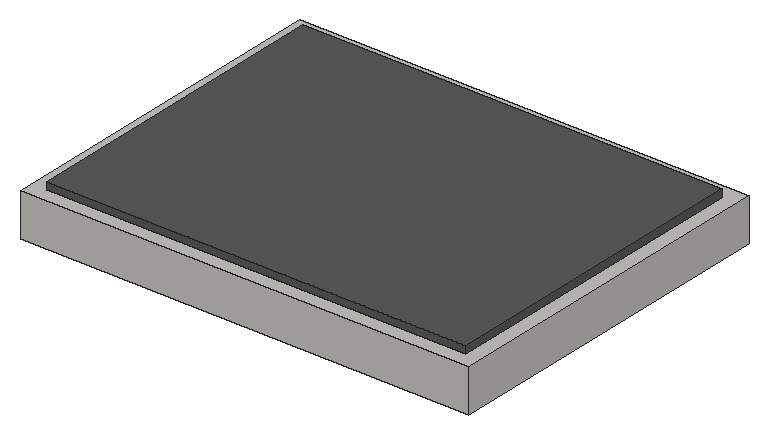
Revit family "CVC_Socle-10cm_900x700", category Equipement de génie climatique, Revit 2026
Family settings
  Cote de connecteur circulaire = Utiliser le diamètre
  Type d'élément = Normal
  Basée sur le plan de construction = Non
  Toujours verticalement = Oui
  Couper avec des vides une fois chargée = Non
  Conserver l'orientation des annotations = Non
  Partagée = Non
  Repère de localisation dans la pièce = Non
Parameters (values of type "Socle 900 x 700 x 100 + résilient")
  Source = "CCTP lot 12 § 1.8.2 (gros œuvre), § 3.14.1 (socles et supports)"
  Modèle = "Socle béton 10 cm + matelas résilient"
  Fabricant = "Massif : lot Gros œuvre"
  Elévation par défaut = 0 mm
  Description = "Socle béton sous PAC, avec matelas résilient (machine à compresseur)"
  Caractéristiques CCTP = "Socles à la charge du lot gros œuvre (chaudières, ballons ECS, CTA…) ; 1 massif distinct par appareil ; appareils à moteur sur plots ou matelas résilient"
  A vérifier = "Dimensions du socle à caler sur la fiche fabricant de l’appareil"
Reference planes
  plane 1 "Centre (avant/arrière)": y = 0
  plane 2: z = 0
  plane 3 "Centre (gauche/droite)": x = 0
Forms (mm)
  Extrusion 1, solid, material "EHPAD_beton"
    sketch origin (0, 0, 0) x (1, 0, 0) y (0, 1, 0)
      loop
        line (-450, -350) -> (450, -350) -> (450, 350) -> (-450, 350) -> (-450, -350)
    from 0 to 85
  Extrusion 2, solid, material "EHPAD_noir"
    sketch origin (0, 0, 85) x (1, 0, 0) y (0, 1, 0)
      loop
        line (-420, -320) -> (420, -320) -> (420, 320) -> (-420, 320) -> (-420, -320)
    from 0 to 15
Dimensions and locks
  aligned and locked: level to plane 2
